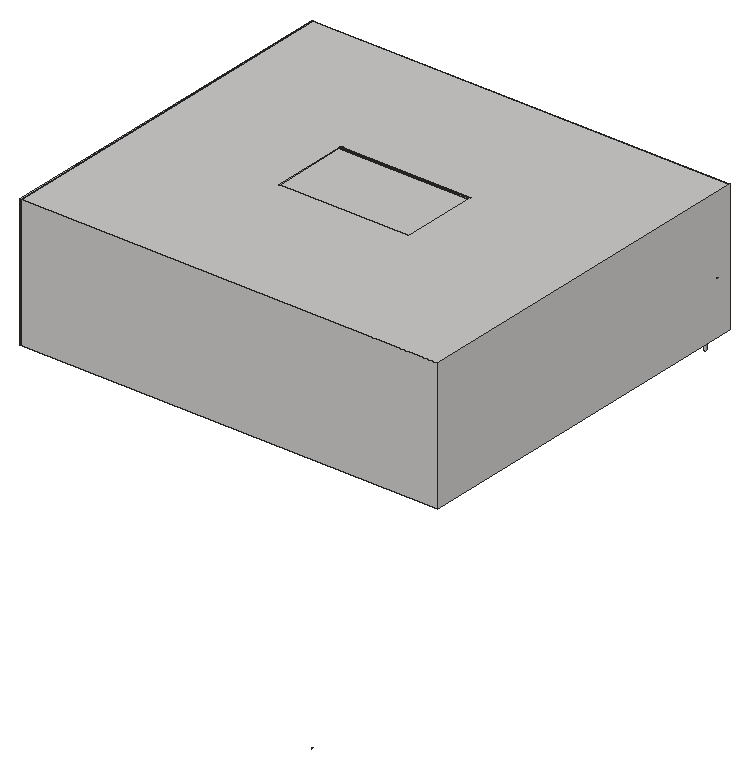
Revit family "QF_ELECTROLUXPROFESSIONAL_640271_VAP1216", category Specialty Equipment, Revit 2014
Reference planes
  plane 1: z = 0
  plane 2 "Center (Left/Right)": x = 150
  plane 3 "LEFT": x = -650
  plane 4 "RIGHT": x = 950
  plane 5 "BACK": y = 550
  plane 6 "TOP": z = 2500
  plane 7 "Base": z = 2000
  plane 8: z = 1970
  plane 9 "DrainY": y = 450
  plane 10: x = -647
  plane 11 "DrainX": x = 937
  plane 12 "AOLeft2": x = 400
  plane 13: x = 947
  plane 14: x = -450
  plane 15: x = 750
  plane 16: x = 50
  plane 17: x = 250
  plane 18 "AOLeft1": x = -100
  plane 19: through (0, 550, 2133.855) normal (0, 0.5299, 0.848)
  plane 20: y = 0
  plane 21: y = -300
  plane 22: y = -150
  plane 23: y = -850
  plane 24: through (0, -850, 2133.855) normal (0, 0.5299, -0.848)
Forms (mm)
  Extrusion 1, solid, material "QF_Finishes_Stainless Steel"
    sketch origin (-650, 0, 360) x (0, 1, 0) y (0, 0, 1)
      loop
        line (550, 1640) -> (550, 2140) -> (-850, 2140) -> (-850, 1640) -> (550, 1640)
    from 0 to 3
  Extrusion 2, solid, material "QF_Finishes_Stainless Steel"
    sketch origin (950, 0, 360) x (0, 1, 0) y (0, 0, 1)
      loop
        line (550, 1640) -> (550, 2140) -> (-850, 2140) -> (-850, 1640) -> (550, 1640)
    from 0 to -3
  Extrusion 3, solid, material "QF_Finishes_Stainless Steel"
    sketch origin (150, 0, 360) x (0, 1, 0) y (0, 0, 1)
      loop
        line (-850, 2140) -> (-850, 1640) -> (-840, 1640) -> (-840, 1640.8) -> (-849.2, 1640.8) -> (-849.2, 2139.19) -> (549.2, 2139.19) -> (549.2, 1640.8) -> (540, 1640.8) -> (540, 1640) -> (550, 1640) -> (550, 2140) -> (-850, 2140)
    from -800 to 800
  Extrusion 4, solid, material "QF_Finishes_Stainless Steel"
    sketch origin (0, 0, 2000) x (0, 1, 0) y (-1, 0, 0)
      loop
        circle (450, -937) r 4.763
    from -30 to 0
  Extrusion 5, void
    sketch origin (0, 400, 2500) x (0, 1, 0) y (-1, 0, 0)
      loop
        line (-400, -400) -> (-400, 100) -> (-700, 100) -> (-700, -400) -> (-400, -400)
    from 0 to -10
  Extrusion 6, solid, material "QF_Finishes_Stainless Steel"
    sketch origin (0, 0, 0) x (1, 0, 0) y (0, 1, 0)
      loop
        line (-650, 550) -> (-650, 549) -> (-649, 549) -> (-649, 550) -> (-650, 550)
    from 0 to 1
  Extrusion 7, solid, material "QF_Finishes_Stainless Steel"
    sketch origin (150, 0, 360) x (0, 1, 0) y (0, 0, 1)
      loop
        line (503.5, 1837.574) -> (207.375, 2022.621) -> (192.198, 1998.364) -> (488.366, 1813.348) -> (503.5, 1837.574)
      loop
        line (-803.5, 1837.574) -> (-788.366, 1813.348) -> (-492.198, 1998.364) -> (-507.375, 2022.621) -> (-803.5, 1837.574)
    from -600 to -797
  Extrusion 8, solid, material "QF_Finishes_Stainless Steel"
    sketch origin (150, 0, 360) x (0, 1, 0) y (0, 0, 1)
      loop
        line (549.2, 1775.312) -> (472.742, 1823.075) -> (472.313, 1822.387) -> (549.2, 1774.355) -> (549.2, 1775.312)
      loop
        line (202.48, 1991.938) -> (126.212, 2039.602) -> (-426.212, 2039.602) -> (-502.48, 1991.938) -> (-502.063, 1991.27) -> (-426, 2038.801) -> (126, 2038.801) -> (202.063, 1991.27) -> (202.48, 1991.938)
      loop
        line (-849.2, 1775.312) -> (-849.2, 1774.355) -> (-772.313, 1822.387) -> (-772.742, 1823.075) -> (-849.2, 1775.312)
    from -797 to 797
  Extrusion 9, solid, material "QF_Finishes_Stainless Steel"
    sketch origin (150, 0, 360) x (0, 1, 0) y (0, 0, 1)
      loop
        line (-507.375, 2022.621) -> (-803.5, 1837.574) -> (-788.366, 1813.348) -> (-492.198, 1998.364) -> (-507.375, 2022.621)
      loop
        line (503.5, 1837.574) -> (207.375, 2022.621) -> (192.198, 1998.364) -> (488.366, 1813.348) -> (503.5, 1837.574)
    from 797 to 600
  Extrusion 10, solid, material "QF_Finishes_Stainless Steel"
    sketch origin (150, 0, 360) x (0, 1, 0) y (0, 0, 1)
      loop
        line (-507.375, 2022.621) -> (-803.5, 1837.574) -> (-788.366, 1813.348) -> (-492.198, 1998.364) -> (-507.375, 2022.621)
      loop
        line (503.5, 1837.574) -> (207.375, 2022.621) -> (192.198, 1998.364) -> (488.366, 1813.348) -> (503.5, 1837.574)
    from -100 to 100
  Extrusion 11, solid, material "QF_Finished_Chrome"
    sketch origin (150, 0, 360) x (0, 1, 0) y (0, 0, 1)
      loop
        line (503.5, 1837.574) -> (207.375, 2022.621) -> (192.198, 1998.364) -> (488.366, 1813.348) -> (503.5, 1837.574)
      loop
        line (-507.375, 2022.621) -> (-803.5, 1837.574) -> (-788.366, 1813.348) -> (-492.198, 1998.364) -> (-507.375, 2022.621)
    from -600 to -100
  Extrusion 12, solid, material "QF_Finished_Chrome"
    sketch origin (150, 0, 360) x (0, 1, 0) y (0, 0, 1)
      loop
        line (-507.375, 2022.621) -> (-803.5, 1837.574) -> (-788.366, 1813.348) -> (-492.198, 1998.364) -> (-507.375, 2022.621)
      loop
        line (503.5, 1837.574) -> (207.375, 2022.621) -> (192.198, 1998.364) -> (488.366, 1813.348) -> (503.5, 1837.574)
    from 100 to 600
  Sweep 13, solid, material "QF_Finishes_Stainless Steel"
    path origin (0, 0, 0) x (1, 0, 0) y (0, 1, 0)
      loop
        line (950, 550) -> (-650, 550) -> (-650, -850) -> (950, -850) -> (950, 550)
    profile origin (950, -150, 0) x (1, 0, 0) y (0, 0, 1)
      loop
        line (-3, 2000) -> (-3, 2000.8) -> (-19, 2000.8) -> (-19, 2010) -> (-20, 2010) -> (-20, 2000) -> (-3, 2000)
Cuts and joins
  Extrusion 5 cuts Extrusion 3
  joined: Extrusion 2, Extrusion 3, Sweep 13
Lines and regions (mm)
  symbolic lines, style "SpecialityEquipment", detail levels coarse
    curve 1: line (950, 550, 2500) -> (-650, 550, 2500)
    curve 2: line (-650, 550, 2500) -> (-650, -850, 2500)
    curve 3: line (950, -850, 2500) -> (950, 550, 2500)
    curve 4: line (-650, 550, 0) -> (950, -850, 0)
    curve 5: line (950, 550, 0) -> (-650, -850, 0)
  symbolic lines, detail levels coarse
    curve 6: line (-650, -850, 0) -> (950, -850, 0)
    curve 7: line (400, 0, 0) -> (-100, 0, 0)
    curve 8: line (400, -300, 0) -> (400, 0, 0)
    curve 9: line (-100, -300, 0) -> (400, -300, 0)
    curve 10: line (-100, 0, 0) -> (-100, -300, 0)
Dimensions and locks
  plane 3 "LEFT" to plane 4 "RIGHT" = 1600 mm
  equal spacing: plane 3 "LEFT", plane 2 "Center (Left/Right)", plane 4 "RIGHT"
  plane 7 "Base" to plane 8 = 30 mm
  plane 5 "BACK" to plane 9 "DrainY" = 100 mm  (x2)
  plane 3 "LEFT" to plane 10 = 3 mm
  plane 11 "DrainX" to plane 4 "RIGHT" = 13 mm
  plane 13 to plane 4 "RIGHT" = 3 mm
  plane 3 "LEFT" to plane 14 = 200 mm
  plane 15 to plane 4 "RIGHT" = 200 mm
  locked: plane 7 "Base" to level at 2000
  locked: plane 6 "TOP" to plane 7 "Base" at 500
  locked: plane 16 to plane 17 at 200
  equal spacing: plane 16, plane 2 "Center (Left/Right)", plane 17
  plane 5 "BACK" to plane 23 = 1400 mm  (x2)
  equal spacing: plane 5 "BACK", plane 22, plane 23
  locked: plane 20 to plane 21 at 300
  equal spacing: plane 20, plane 22, plane 21
  locked: plane 18 "AOLeft1" to plane 12 "AOLeft2" at 500
  equal spacing: plane 18 "AOLeft1", plane 2 "Center (Left/Right)", plane 12 "AOLeft2"
  aligned and locked: level to plane 1
  aligned and locked: plane 4 "RIGHT" to Extrusion 3
  aligned and locked: Extrusion 3 to plane 3 "LEFT"
  aligned and locked: Extrusion 7 to plane 10
  aligned and locked: Extrusion 7 to plane 14
  aligned and locked: Extrusion 2 to plane 13
  aligned and locked: plane 13 to Extrusion 9
  aligned and locked: plane 15 to Extrusion 9
  aligned and locked: plane 17 to Extrusion 10
  aligned and locked: Extrusion 10 to plane 16
  aligned and locked: plane 16 to Extrusion 11
  aligned and locked: Extrusion 11 to plane 14
  aligned and locked: Extrusion 12 to plane 17
  aligned and locked: Extrusion 12 to plane 15
  aligned and locked: Extrusion 8 to plane 10
  aligned and locked: plane 13 to Extrusion 8
  aligned and locked: Extrusion 5 to plane 18 "AOLeft1"
  aligned and locked: Extrusion 5 to plane 12 "AOLeft2"
  aligned and locked: plane 20 to curve 7
  aligned and locked: curve 9 to plane 21
  aligned and locked: plane 20 to Extrusion 5 sketch curve
  aligned and locked: Extrusion 5 sketch curve to plane 21
Automatic sketch dimensions
  Extrusion 1 sketch curve to plane 7 "Base" = 0 mm
  Extrusion 1 sketch curve to plane 5 "BACK" = 0 mm
  Extrusion 1 sketch curve to plane 6 "TOP" = 0 mm
  Extrusion 2 sketch curve to plane 7 "Base" = 0 mm
  Extrusion 2 sketch curve to plane 5 "BACK" = 0 mm
  Extrusion 2 sketch curve to plane 6 "TOP" = 0 mm
  Extrusion 3 sketch curve to plane 6 "TOP" = 0 mm
  Extrusion 3 sketch curve to plane 7 "Base" = 0 mm  (x2)
  Extrusion 3 sketch curve to plane 5 "BACK" = 0 mm
  Extrusion 3 sketch curve to Extrusion 3 sketch curve = 9.2 mm
  plane 7 "Base" to Extrusion 3 sketch curve = 0.8 mm  (x2)
  Extrusion 3 sketch curve to plane 5 "BACK" = 10 mm
  Extrusion 3 sketch curve to plane 5 "BACK" = 0.8 mm
  Extrusion 3 sketch curve to plane 6 "TOP" = 0.81 mm
  Extrusion 4 sketch curve to plane 9 "DrainY" = 0 mm
  Extrusion 4 sketch curve to plane 11 "DrainX" = 0 mm
  Extrusion 5 sketch curve to plane 12 "AOLeft2" = 0 mm
  Extrusion 5 sketch curve to plane 18 "AOLeft1" = 0 mm
  Extrusion 6 sketch curve to plane 3 "LEFT" = 0 mm
  Extrusion 6 sketch curve to plane 5 "BACK" = 0 mm
  plane 3 "LEFT" to Extrusion 6 sketch curve = 1 mm
  Extrusion 6 sketch curve to Extrusion 6 sketch curve = 1 mm
  Sweep 13 sketch curve to plane 3 "LEFT" = 0 mm
  Sweep 13 sketch curve to plane 4 "RIGHT" = 0 mm
  Sweep 13 sketch curve to plane 5 "BACK" = 0 mm
  profile plane to Sweep 13 sketch curve = 20 mm
  Sweep 13 sketch curve to Sweep 13 sketch curve = 1 mm
  profile plane to Sweep 13 sketch curve = 3 mm
  level to Sweep 13 sketch curve = 2000 mm
  Sweep 13 sketch curve to Sweep 13 sketch curve = 0.8 mm
  Sweep 13 sketch curve to Sweep 13 sketch curve = 9.2 mm
  Extrusion 11 sketch curve to plane 5 "BACK" = 46.5 mm
  plane 7 "Base" to Extrusion 11 sketch curve = 197.574 mm
  Extrusion 11 sketch curve to Extrusion 11 sketch curve = 15.134 mm  (x2)
  Extrusion 11 sketch curve to plane 6 "TOP" = 117.379 mm
  Extrusion 11 sketch curve to Extrusion 11 sketch curve = 24.226 mm  (x2)
  Extrusion 11 sketch curve to Extrusion 11 sketch curve = 15.177 mm  (x2)
  Extrusion 11 sketch curve to Extrusion 11 sketch curve = 24.257 mm  (x2)
  Extrusion 11 sketch curve to plane 6 "TOP" = 141.636 mm
  Extrusion 10 sketch curve to plane 6 "TOP" = 117.379 mm  (x2)
  Extrusion 10 sketch curve to Extrusion 10 sketch curve = 24.257 mm  (x2)
  Extrusion 10 sketch curve to Extrusion 10 sketch curve = 24.226 mm  (x2)
  Extrusion 10 sketch curve to Extrusion 10 sketch curve = 15.177 mm  (x2)
  plane 9 "DrainY" to Extrusion 10 sketch curve = 38.366 mm
  Extrusion 10 sketch curve to Extrusion 10 sketch curve = 15.134 mm  (x2)
  plane 7 "Base" to Extrusion 10 sketch curve = 173.348 mm  (x2)
  Extrusion 12 sketch curve to plane 6 "TOP" = 117.379 mm
  Extrusion 12 sketch curve to Extrusion 12 sketch curve = 15.177 mm  (x2)
  Extrusion 12 sketch curve to Extrusion 12 sketch curve = 24.257 mm  (x2)
  Extrusion 12 sketch curve to plane 6 "TOP" = 141.636 mm
  plane 7 "Base" to Extrusion 12 sketch curve = 197.574 mm  (x2)
  Extrusion 12 sketch curve to plane 9 "DrainY" = 257.802 mm
  plane 9 "DrainY" to Extrusion 12 sketch curve = 38.366 mm
  Extrusion 12 sketch curve to Extrusion 12 sketch curve = 15.134 mm  (x2)
  Extrusion 9 sketch curve to plane 6 "TOP" = 117.379 mm  (x2)
  Extrusion 9 sketch curve to Extrusion 9 sketch curve = 24.257 mm  (x2)
  Extrusion 9 sketch curve to Extrusion 9 sketch curve = 24.226 mm  (x2)
  Extrusion 9 sketch curve to plane 5 "BACK" = 46.5 mm
  plane 7 "Base" to Extrusion 9 sketch curve = 197.574 mm
  Extrusion 9 sketch curve to Extrusion 9 sketch curve = 15.134 mm  (x2)
  Extrusion 9 sketch curve to Extrusion 9 sketch curve = 15.177 mm  (x2)
  Extrusion 1 sketch curve to plane 21 = 550 mm
  Extrusion 2 sketch curve to plane 21 = 550 mm
  Extrusion 3 sketch curve to plane 21 = 540 mm
  Extrusion 3 sketch curve to Extrusion 3 sketch curve = 0.8 mm
  Extrusion 9 sketch curve to plane 21 = 192.198 mm
  plane 7 "Base" to Extrusion 9 sketch curve = 173.348 mm
  Extrusion 10 sketch curve to plane 21 = 192.198 mm
  Extrusion 11 sketch curve to plane 21 = 192.198 mm
  plane 7 "Base" to Extrusion 11 sketch curve = 173.348 mm
  Extrusion 12 sketch curve to plane 21 = 192.198 mm
  plane 7 "Base" to Extrusion 12 sketch curve = 173.348 mm
  Sweep 13 sketch curve to plane 21 = 550 mm
  curve 5 to plane 3 "LEFT" = 0 mm
  curve 4 to plane 3 "LEFT" = 0 mm
  curve 10 to plane 18 "AOLeft1" = 0 mm
  curve 8 to plane 12 "AOLeft2" = 0 mm
  curve 5 to plane 4 "RIGHT" = 0 mm
  curve 6 to plane 4 "RIGHT" = 0 mm
  curve 4 to plane 5 "BACK" = 0 mm
  curve 5 to plane 5 "BACK" = 0 mm
  curve 6 to plane 23 = 0 mm
  plane 23 to Extrusion 8 sketch curve = 0.8 mm
  plane 23 to Extrusion 8 sketch curve = 77.258 mm
  Extrusion 8 sketch curve to Extrusion 8 sketch curve = 0.43 mm  (x2)
  Extrusion 8 sketch curve to plane 6 "TOP" = 100.398 mm
  Extrusion 8 sketch curve to plane 21 = 126.212 mm
  Extrusion 8 sketch curve to Extrusion 8 sketch curve = 0.418 mm  (x2)
  plane 20 to Extrusion 8 sketch curve = 126 mm
  Extrusion 8 sketch curve to Extrusion 8 sketch curve = 0.212 mm  (x2)
  Extrusion 8 sketch curve to Extrusion 8 sketch curve = 76.063 mm
  Extrusion 8 sketch curve to plane 6 "TOP" = 148.062 mm
  plane 9 "DrainY" to Extrusion 8 sketch curve = 22.313 mm
  Extrusion 8 sketch curve to plane 5 "BACK" = 0.8 mm
  plane 7 "Base" to Extrusion 8 sketch curve = 183.075 mm  (x2)
  Extrusion 8 sketch curve to Extrusion 8 sketch curve = 0.688 mm  (x2)
  Extrusion 8 sketch curve to Extrusion 8 sketch curve = 0.669 mm
  Extrusion 8 sketch curve to Extrusion 8 sketch curve = 0.801 mm
  Extrusion 8 sketch curve to Extrusion 8 sketch curve = 47.531 mm
  plane 23 to Extrusion 7 sketch curve = 46.5 mm
  Extrusion 7 sketch curve to Extrusion 7 sketch curve = 15.134 mm  (x2)
  Extrusion 7 sketch curve to plane 21 = 207.375 mm
  Extrusion 7 sketch curve to Extrusion 7 sketch curve = 15.177 mm  (x2)
  plane 20 to Extrusion 7 sketch curve = 192.198 mm
  plane 9 "DrainY" to Extrusion 7 sketch curve = 38.366 mm
  plane 7 "Base" to Extrusion 7 sketch curve = 173.348 mm  (x2)
  Extrusion 7 sketch curve to Extrusion 7 sketch curve = 24.226 mm  (x2)
  Extrusion 7 sketch curve to Extrusion 7 sketch curve = 24.257 mm  (x2)
  curve 2 to plane 3 "LEFT" = 0 mm
  curve 2 to plane 23 = 0 mm
  curve 3 to plane 4 "RIGHT" = 0 mm
  curve 3 to plane 23 = 0 mm
  curve 2 to plane 5 "BACK" = 0 mm
  radius of Extrusion 4 sketch curve = 4.763 mm
Connectors
  piping at (937, 450, 1970), diameter 9.5
    settings: on Extrusion 4, index 1, connector inside diameter 609.6 mm, connector length 0 mm, flow factor 0, pipe flow 0.0 L/s, pressure drop 0.0 Pa, fitting loss kfactor 0, connector angle 0.00°, fixture units 0, engagement length 0 mm, angle of deflection 0.00°, flow configuration 1, flow direction 2, fitting loss method 0, system type 16, joint type 0, gender type 0, connector reference index -1, connector utility 0, adjustable connector no, is connector primary yes, connector description "Drain"
  hvac at (150, -150, 2500)
    settings: on Extrusion 5, index 2, duct flow 0.0 L/s, flow factor 0, pres drop 0.0 Pa, loss coef 0, conn angle 0.00°, conn width 300 mm, conn height 500 mm, conn diameter 609.6 mm, duct sys type 3, conn prof type 1, flow config 1, flow direction 2, loss method 0, conn ref index -1, conn util no, is conn primary yes, conn desc "EXHAUST OUTLET"
